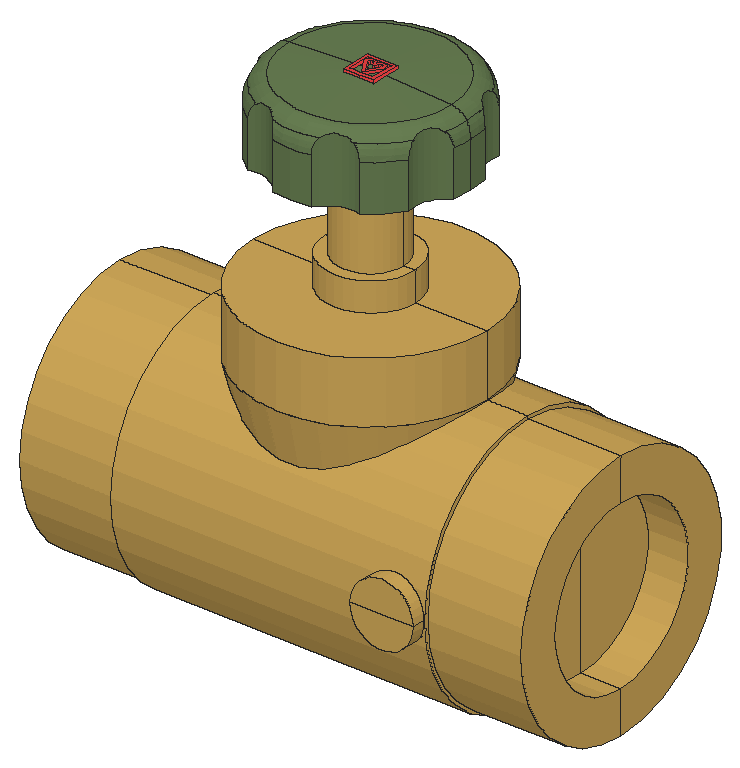
Revit family "HERZ Strömax 4215 W IG-IG", category Rohrzubehör, Revit 2019
Family settings
  Bemaßung runder Anschluss = Durchmesser verwenden
  Teiletyp = Unterbricht
  OmniClass-Nummer = 23.65.55.14
  OmniClass-Titel = Valves for Liquid Services
  Arbeitsebenenbasiert = Nein
  Immer vertikal = Ja
  Beim Laden mit Abzugskörper schneiden = Nein
  Gemeinsam genutzt = Nein
Parameters
  URL = "www.herzvalves.com"
  T01 [instance] = size_lookup("4215W_", "T1", 17.5 mm, Nennweite)  # 42 mm
  SC_NennweiteBerechnet = 0
  SC_Dimension = ""
  SCTWSEQ = "FW;SBT_TYP_FW=\"106\";2"
  SCTWCODE = "04;01;02"  # constant formula
  S03 = 60 mm  # constant formula
  S02 [instance] = H01 + H02 + H03  # 93 mm
  S01 [instance] = R01 * 2  # 75 mm
  R08 [instance] = size_lookup("4215W_", "R8", 9.5 mm, Nennweite)  # 9.5 mm
  R07 = 3 mm  # constant formula
  R06 [instance] = size_lookup("4215W_", "R6", 7.8 mm, Nennweite)  # 10 mm
  R05 [instance] = size_lookup("4215W_", "R5", 10.1 mm, Nennweite)  # 13.5 mm
  R04 [instance] = size_lookup("4215W_", "R4", 13.5 mm, Nennweite)  # 35 mm
  R03 [instance] = size_lookup("4215W_", "R3", 15 mm, Nennweite)  # 38.5 mm
  R02 [instance] = Nennweite / 2  # 25 mm
  R01 [instance] = size_lookup("4215W_", "R1", 16 mm, Nennweite)  # 37.5 mm
  Part number [instance] = size_lookup("4215W_", "Artnr", 0, Nennweite)  # 2421546
  Note = "Pursuant to Article 33 of the REACH Regulation (EC No. 1907/2006), we are obliged to point out that the material lead is listed on the SVHC list and that all brass components manufactured in our products exceed 0.1% (w / w) lead (CAS: 7439-92-1 / EINECS: 231-100-4).\r\nSince lead is a component part of an alloy, actual exposure is not possible and therefore no additional information on safe use is necessary."
  Nennweite [instance] = 50 mm
  Min. flow at Dp 10 kPa [instance] = if(Nennweite = 15 mm, 0.2, if(Nennweite = 20 mm, 0.4, if(Nennweite = 25 mm, 0.7, if(Nennweite = 32 mm, 1.2, if(Nennweite = 40 mm, 1.6, if(Nennweite = 50 mm, 2.7, 0))))))  # 2.7
  Medium = "Water"  # constant formula
  Max. operating temperature = 90 °C  # constant formula
  Max. operating pressure = 1000000.0 Pa  # constant formula
  Max. differential pressure on closed seat = 1000000.0 Pa  # constant formula
  L03 [instance] = size_lookup("4215W_", "L3", 15.5 mm, Nennweite)  # 38 mm
  L02 = 12 mm  # constant formula
  L01 [instance] = size_lookup("4215W_", "L1", 16 mm, Nennweite)  # 28 mm
  L00 [instance] = size_lookup("4215W_", "L", 65 mm, Nennweite)  # 150 mm
  Hersteller = "HERZ Armaturen Ges.m.b.H."  # constant formula
  Hand wheel = "plastic, green"  # constant formula
  H04 = 21 mm  # constant formula
  H03 [instance] = size_lookup("4215W_", "H3", 14.6 mm, Nennweite)  # 27.3 mm
  H02 [instance] = size_lookup("4215W_", "H2", 5.4 mm, Nennweite)  # 8.7 mm
  H01 [instance] = size_lookup("4215W_", "H1", 26 mm, Nennweite)  # 57 mm
  H00 [instance] = H01 + H02 + H03  # 93 mm
  O-Rings = "EPDM"  # constant formula
  Body = "DZR brass acc. to EN1982"  # constant formula
  Application = "For shutting off drinking water pipes and systems in buildings."
Reference planes
  plane 1 "Mitte (Vorne/hinten)": y = 0
  plane 2: z = 0
  plane 3 "Mitte (Links/rechts)": x = 0
Forms (mm)
  Revolve 1, solid, material "Messing, weicher Gelbton, geschweißt", detail levels fine
    sketch origin (470, 0, 0) x (1, 0, 0) y (0, 0, 1)
      loop
        line (-545, 25) -> (-533, 25) -> (-533, 0) -> (-407, 0) -> (-407, 25) -> (-395, 25) -> (-395, 37.5) -> (-423, 37.5) -> (-423, 38.5) -> (-517, 38.5) -> (-517, 37.5) -> (-545, 37.5) -> (-545, 25)
      axis (-545, 0) -> (-395, 0)
    angle from 0 to 360
  Revolve 2, solid, material "Messing, weicher Gelbton, geschweißt", detail levels fine
    sketch origin (0, 0, 0) x (1, 0, 0) y (0, 0, 1)
      loop
        line (0, 0) -> (0, 93) -> (-10, 93) -> (-10, 65.7) -> (-13.5, 65.7) -> (-13.5, 57) -> (-35, 57) -> (-35, 38.5) -> (-25, 0) -> (0, 0)
      axis (0, 93) -> (0, 0)
    angle from 0 to 360
  Revolve 3, solid, material "Messing, weicher Gelbton, geschweißt", detail levels fine
    sketch origin (0, 0, 0) x (1, 0, 0) y (0, 1, 0)
      loop
        line (37, -42) -> (46.5, -42) -> (46.5, -25) -> (40, -25) -> (40, 25) -> (46.5, 25) -> (46.5, 42) -> (37, 42) -> (37, -42)
      axis (37, 42) -> (37, -42)
    angle from 0 to 360
Lines and regions (mm)
  model lines, detail levels coarse+medium
    curve 1: line (-75, 0, -37.5) -> (-75, 0, 37.5)
    curve 2: line (-75, 0, 37.5) -> (75, 0, -37.5)
    curve 3: line (75, 0, -37.5) -> (75, 0, 37.5)
    curve 4: line (75, 0, 37.5) -> (-75, 0, -37.5)
    curve 5: line (0, 0, 0) -> (0, 0, 93)
    curve 6: line (-30, 0, 93) -> (30, 0, 93)
    curve 7: line (-75, 37.5, 0) -> (-75, -37.5, 0)
    curve 8: line (-75, -37.5, 0) -> (75, 37.5, 0)
    curve 9: line (75, 37.5, 0) -> (75, -37.5, 0)
    curve 10: line (75, -37.5, 0) -> (-75, 37.5, 0)
    curve 11: line (0, 0, 0) -> (0, 93, 0)
    curve 12: line (-30, 93, 0) -> (30, 93, 0)
Dimensions and locks
  "L00": Revolve 1 sketch curve to Revolve 1 sketch curve
  equal spacing: Revolve 1 sketch curve, plane 3 "Mitte (Links/rechts)", Revolve 1 sketch curve
  "R01": Revolve 1 sketch curve to Revolve 1 sketch curve  (x2)
  "R02": Revolve 1 sketch curve to Revolve 1 sketch curve  (x2)
  "L01": Revolve 1 sketch curve to Revolve 1 sketch curve  (x2)
  "L02": Revolve 1 sketch curve to Revolve 1 sketch curve  (x2)
  "R03": Revolve 1 sketch curve to Revolve 1 sketch curve
  "R03": Revolve 2 sketch curve to Revolve 2 sketch curve
  "R02": Revolve 2 sketch curve to Revolve 2 sketch curve
  "R04": Revolve 2 sketch curve to Revolve 2 sketch curve
  "R05": Revolve 2 sketch curve to Revolve 2 sketch curve
  "R06": Revolve 2 sketch curve to Revolve 2 sketch curve
  "H01": Revolve 2 sketch curve to plane 2
  "T01": Revolve 3 sketch curve to plane 1 "Mitte (Vorne/hinten)" to Revolve 3 sketch curve
  "L03": Revolve 3 sketch curve to Revolve 1
  "R02": Revolve 3 sketch curve to plane 1 "Mitte (Vorne/hinten)"
  "R02": plane 1 "Mitte (Vorne/hinten)" to Revolve 3 sketch curve
  "R07": Revolve 3 sketch curve to Revolve 3 sketch curve
  "R08": Revolve 3 sketch curve to Revolve 3 sketch curve
  "H02": Revolve 2 sketch curve to Revolve 2 sketch curve
  "H03": Revolve 2 sketch curve to Revolve 2 sketch curve
  "H00": nested 1 to plane 2
  "H04": nested 2 to Revolve 2
  equal spacing: curve 3, plane 3 "Mitte (Links/rechts)", curve 1
  "L00": curve 3 to curve 1
  equal spacing: curve 2, plane 2, curve 4
  "S01": curve 2 to curve 4
  equal spacing: curve 4, plane 2, curve 3
  "S01": curve 4 to curve 3
  "S02": curve 5 to plane 2
  equal spacing: curve 6, curve 5, curve 6
  "S03": curve 6 to curve 6
  equal spacing: curve 7, plane 3 "Mitte (Links/rechts)", curve 9
  "L00": curve 7 to curve 9
  equal spacing: curve 10, plane 1 "Mitte (Vorne/hinten)", curve 9
  equal spacing: curve 8, plane 1 "Mitte (Vorne/hinten)", curve 10
  "S01": curve 9 to curve 10
  "S01": curve 10 to curve 8
  equal spacing: curve 12, plane 3 "Mitte (Links/rechts)", curve 12
  "S02": plane 1 "Mitte (Vorne/hinten)" to curve 11
  "S03": curve 12 to curve 12
  aligned and locked: level to plane 2
Automatic sketch dimensions
  curve 5 to level = 0 mm
  plane 1 "Mitte (Vorne/hinten)" to curve 11 = 0 mm
  Revolve 1 sketch curve to level = 0 mm  (x2)
  Revolve 1 sketch curve to Revolve 1 sketch curve = 791.99 mm
  Revolve 1 sketch curve to Revolve 1 sketch curve = 2278.983 mm
  Revolve 2 sketch curve to level = 0 mm
  Revolve 2 sketch curve to plane 3 "Mitte (Links/rechts)" = 0 mm  (x2)
  Revolve 2 sketch curve to level = 366.045 mm
  Revolve 2 sketch curve to Revolve 2 sketch curve = 2165.278 mm
  Revolve 3 sketch curve to Revolve 3 sketch curve = 9.5 mm
  Revolve 3 sketch curve to Revolve 3 sketch curve = 0 mm
  Revolve 3 sketch curve to Revolve 3 sketch curve = 4.553 mm
  Revolve 3 sketch curve to Revolve 3 sketch curve = 3.768 mm
Nested families
  nested 1: "Strömax-Handrad (Grün)" at (0, 0, 93), type "Strömax-Handrad (Grün)", detail levels fine
    with Nennweite 0 mm, Gewicht 0.00 kg, Bestellnummer 0
  nested 2: "Herz-Logo" at (0, 0, 114), type "Herz-Logo", detail levels fine
Connectors
  piping at (-63, 0, 0), diameter 50, driven by "Nennweite"
    settings: on Revolve 1, index 1, connector inside diameter 609.6 mm, connector length 0 mm, flow factor 0, pipe flow 0.0 L/s, pressure drop 0.0 Pa, fitting loss kfactor 0, connector angle 0.00°, fixture units 0, engagement length 0 mm, angle of deflection 0.00°, flow configuration 0, flow direction 1, fitting loss method 0, system type 29, joint type 0, gender type 0, connector reference index -1, connector utility 0, adjustable connector no, is connector primary yes, connector description ""
  piping at (63, 0, 0), diameter 50, driven by "Nennweite"
    settings: on Revolve 1, index 2, connector inside diameter 609.6 mm, connector length 0 mm, flow factor 0, pipe flow 0.0 L/s, pressure drop 0.0 Pa, fitting loss kfactor 0, connector angle 0.00°, fixture units 0, engagement length 0 mm, angle of deflection 0.00°, flow configuration 0, flow direction 2, fitting loss method 0, system type 29, joint type 0, gender type 0, connector reference index -1, connector utility 0, adjustable connector no, is connector primary no, connector description ""
Definition of nested family "Strömax-Handrad (Grün)"
  Parameters (values of type "Strömax-Handrad (Grün)")
    URL = "www.herz-armaturen.at"
    Nennweite [instance] = 0 mm
    Manufacturer = "Herz Armaturen GmbH"  # constant formula
    Gewicht [instance] = 0.00 kg
    Bestellnummer [instance] = 0
  Reference planes
    plane 1 "Mitte (Vorne/hinten)": y = 0
    plane 2: z = 0
    plane 3 "Mitte (Links/rechts)": x = 0
  Forms (mm)
    Revolve 1, solid
      sketch origin (0, 0, 0) x (1, 0, 0) y (0, 0, 1)
        loop
          line (0, 0) -> (0, 22)
          arc (0, 22) -> (-12.15, 21.705) -> (-24.271, 20.819) r 250
          arc (-24.271, 20.819) -> (-26.831, 19.959) -> (-28.754, 18.063) r 6
          arc (-28.754, 18.063) -> (-29.682, 16.008) -> (-30, 13.776) r 8
          line (-30, 13.776) -> (-30, 0) -> (0, 0)
        axis (0, 22) -> (0, 0)
      angle from 0 to 360
    Extrusion 2, void
      sketch origin (0, 0, 0) x (1, 0, 0) y (0, 1, 0)
        loop
          circle (14.351, -34.645) r 10
      from 0 to 22
    Extrusion 3, void
      sketch origin (0, 0, 0) x (-1, 0, 0) y (0, -1, 0)
        loop
          circle (14.351, 34.645) r 10
      from 0 to 22
    Extrusion 4, void
      sketch origin (0, 0, 0) x (0, -1, 0) y (1, 0, 0)
        loop
          circle (14.351, 34.645) r 10
      from 0 to 22
    Extrusion 5, void
      sketch origin (0, 0, 0) x (0, 1, 0) y (-1, 0, 0)
        loop
          circle (14.351, -34.645) r 10
      from 0 to 22
    Extrusion 6, void
      sketch origin (0, 0, 0) x (0, -1, 0) y (1, 0, 0)
        loop
          circle (14.351, -34.645) r 10
      from 0 to 22
    Extrusion 7, void
      sketch origin (0, 0, 0) x (0, 1, 0) y (-1, 0, 0)
        loop
          circle (14.351, 34.645) r 10
      from 0 to 22
    Extrusion 8, void
      sketch origin (0, 0, 0) x (1, 0, 0) y (0, 1, 0)
        loop
          circle (14.351, 34.645) r 10
      from 0 to 22
    Extrusion 9, void
      sketch origin (0, 0, 0) x (-1, 0, 0) y (0, -1, 0)
        loop
          circle (14.351, -34.645) r 10
      from 0 to 22
  Cuts and joins
    Extrusion 2, Extrusion 3, Extrusion 4, Extrusion 5, Extrusion 6, Extrusion 7, Extrusion 8, Extrusion 9 cuts Revolve 1
  Dimensions and locks
    aligned and locked: level to plane 2
Definition of nested family "Herz-Logo"
  Reference planes
    plane 1 "Mitte (Vorne/hinten)": y = 0
    plane 2: z = 0
    plane 3 "Mitte (Links/rechts)": x = 0
  Forms (mm)
    Extrusion 1, solid
      sketch origin (0, 0, 0) x (1, 0, 0) y (0, 1, 0)
        loop
          line (-0.018, -4.517) -> (4.482, -4.517) -> (4.482, 4.483) -> (-4.518, 4.483) -> (-4.518, -4.517) -> (-0.018, -4.517)
        loop
          line (-0.05, -3.48) -> (3.482, -3.48) -> (3.482, 3.483) -> (-3.518, 3.483) -> (-3.518, -3.48) -> (-0.05, -3.48)
        loop
          arc (-0.018, 2.383) -> (-1.543, 3.287) -> (-3.067, 2.383) r 1.738
          arc (-3.067, 2.383) -> (-3.191, 1.899) -> (-3.067, 1.415) r 1.009
          line (-3.067, 1.415) -> (-0.018, -3.281) -> (3.032, 1.415)
          arc (3.032, 1.415) -> (3.156, 1.899) -> (3.032, 2.383) r 1.009
          arc (3.032, 2.383) -> (1.507, 3.287) -> (-0.018, 2.383) r 1.738
        loop
          arc (1.885, 1.272) -> (2.005, 1.675) -> (1.885, 2.079) r 0.74
          arc (1.885, 2.079) -> (1.265, 2.416) -> (0.644, 2.079) r 0.74
          line (0.644, 2.079) -> (-0.018, 0.97) -> (-0.679, 2.079)
          arc (-0.679, 2.079) -> (-1.3, 2.416) -> (-1.921, 2.079) r 0.74
          arc (-1.921, 2.079) -> (-2.04, 1.675) -> (-1.921, 1.272) r 0.74
          line (-1.921, 1.272) -> (-0.018, -1.658) -> (1.885, 1.272)
      from 0 to 1.5
  Dimensions and locks
    aligned and locked: level to plane 2
